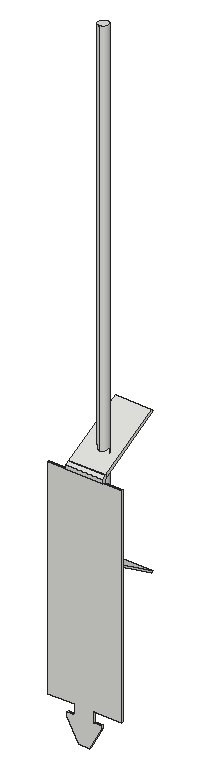
Revit family "HeartFelt-Linear-Luxalon Suspension Adjust. Spring_HunterDouglasEurope.LOG200", category Specialty Equipment, Revit 2016
Family settings
  Part Type = Normal
  Round Connector Dimension = Use Diameter
  OmniClass Number = 23.35.70.24.11.11.11
  OmniClass Title = Suspended Ceilings, Suspension Assembly
  Work Plane-Based = No
  Always vertical = No
  Cut with Voids When Loaded = No
  Shared = No
  Room Calculation Point = No
Parameters (values of type "Luxalon Suspension Adjustment Spring")
  URL = "http://www.hunterdouglasarchitectural.eu/en-GB/ceilings/textile/heartfelt/index.jsp"
  Thickness = 0.50 mm
  Subcategory = "HeartFelt® Ceilings"  # constant formula
  Product Line = "HeartFelt® Linear"  # constant formula
  Product Data = "http://assets2.hunterdouglascontract.com/documents/ceiling/Brochures/United%20Kingdom/Brochure-Heartfelt-en-UK.pdf"
  Material = Galvanized Steel_HunterDouglasEurope
  Hanger Height [instance] = 250.00 mm
  EN13501-1_Fire rating = "Class A1"  # constant formula
  Article Code = "33.4795"  # constant formula
  Model = "Luxalon Suspension Adjustment Spring"  # constant formula
  Manufacturer = "Hunter Douglas"  # constant formula
  Alloy = "EN 10132 CK60 H+A"  # constant formula
Reference planes
  plane 1 "Center (Front/Back)": y = 0
  plane 2: z = 0
  plane 3 "Center (Left/Right)": x = 0
  plane 4 "Carrier Top": z = 90
  plane 5 "Carrier Bottom": z = 89.05
  plane 6 "Spring Top": through (0, 1.3, 179.417) normal (0, 0.5, -0.866)
  plane 7 "Spring Bottom": through (0, 24.915, 134.051) normal (0, 0.5, 0.866)
  plane 8 "Hanger Top": z = 340
  plane 9 "Circle Top": z = 342.5
Forms (mm)
  Extrusion 1, solid, material "Galvanized Steel_HunterDouglasEurope" <- "Material"
    sketch origin (0, 0, 0) x (1, 0, 0) y (0, 0, 1)
      loop
        line (15, 93.05) -> (15, 177.3) -> (-15, 177.3) -> (-15, 93.05) -> (-3.75, 93.05) -> (-3.75, 89.05) -> (-7, 89.05) -> (-7, 87.55) -> (-2.113, 79.085) -> (2.113, 79.085) -> (7, 87.55) -> (7, 89.05) -> (3.75, 89.05) -> (3.75, 93.05) -> (15, 93.05)
    from -0.4 to 0.4
  Extrusion 2, solid, material "Galvanized Steel_HunterDouglasEurope" <- "Material"
    sketch origin (0, -77.365, 134) x (0, -0.866025, -0.5) y (-1, 0, 0)
      loop
        line (-90.835, -7.5) -> (-90.835, 7.5) -> (-118.058, 7.5) -> (-118.058, -7.5) -> (-90.835, -7.5)
    from -0.4 to 0.4
  Extrusion 3, solid, material "Galvanized Steel_HunterDouglasEurope" <- "Material"
    sketch origin (0, 0, 0) x (0, 1, 0) y (0, 0, 1)
      loop
        line (1.1, 179.764) -> (-0.401, 178.897) -> (-0.401, 177.3) -> (0.4, 177.3) -> (0.4, 178.436) -> (1.5, 179.071) -> (1.1, 179.764)
    from -7.5 to 7.5
  Extrusion 4, solid, material "Galvanized Steel_HunterDouglasEurope" <- "Material"
    sketch origin (0, -77.365, 193.103) x (0, -0.866025, 0.5) y (1, 0, 0)
      loop
        line (-90.835, 7.5) -> (-118.058, 7.5) -> (-118.058, -7.5) -> (-90.835, -7.5) -> (-90.835, 7.5)
    from -0.4 to 0.4
  Extrusion 5, solid, material "Galvanized Steel_HunterDouglasEurope" <- "Material"
    sketch origin (0, 0, 327.103) x (0, 1, 0) y (0, 0, 1)
      loop
        line (1.1, -179.764) -> (1.5, -179.071) -> (0.4, -178.436) -> (0.4, -179.36) -> (1.1, -179.764)
    from -7.5 to 7.5
  Sweep 6, solid, material "Galvanized Steel_HunterDouglasEurope" <- "Material"
    path origin (0, 0, 0) x (0, 1, 0) y (0, 0, 1)
      loop
        line (9.288, 109.085) -> (9.288, 337.988)
    profile origin (0, 9.288, 223.537) x (0, -1, 0) y (1, 0, 0)
      loop
        circle (0, 0) r 2
  Extrusion 7, solid, material "Galvanized Steel_HunterDouglasEurope" <- "Material", not visible
    sketch origin (0, 0, 340) x (0, 1, 0) y (-1, 0, 0)
      loop
        circle (0, 0) r 60
    from 0 to 2.5
Lines and regions (mm)
  model lines, style "Hanger_Circle Mark", not visible
    curve 1: line (70.711, -70.711, 342.5) -> (-70.711, 70.711, 342.5)
    curve 2: line (-70.711, -70.711, 342.5) -> (70.711, 70.711, 342.5)
Dimensions and locks
  "Hanger Height": plane 8 "Hanger Top" to plane 4 "Carrier Top"
  locked: plane 4 "Carrier Top" to plane 2 at 90
  locked: plane 9 "Circle Top" to plane 8 "Hanger Top" at 2.5
  aligned and locked: level to plane 2
  aligned and locked: curve 1 to Extrusion 7
  aligned and locked: curve 2 to Extrusion 7
Automatic sketch dimensions
  Sweep 6 sketch curve to plane 3 "Center (Left/Right)" = 0.00 mm
  Sweep 6 sketch curve to profile plane = 0.00 mm
  curve 2 to curve 1 = 0.00 mm
  curve 1 to curve 2 = 141.421 mm  (x2)
  curve 2 to curve 1 = 141.421 mm
  curve 1 to curve 2 = 0.00 mm  (x2)
  Extrusion 1 sketch curve to plane 5 "Carrier Bottom" = 0.00 mm  (x2)
  plane 4 "Carrier Top" to Extrusion 1 sketch curve = 3.05 mm  (x2)
  Extrusion 1 sketch curve to plane 3 "Center (Left/Right)" = 15.00 mm
  plane 5 "Carrier Bottom" to Extrusion 1 sketch curve = 1.50 mm  (x2)
  Extrusion 1 sketch curve to plane 3 "Center (Left/Right)" = 7.00 mm
  Extrusion 1 sketch curve to plane 3 "Center (Left/Right)" = 3.75 mm
  Extrusion 1 sketch curve to plane 3 "Center (Left/Right)" = 2.113 mm
  plane 3 "Center (Left/Right)" to Extrusion 1 sketch curve = 2.113 mm
  plane 3 "Center (Left/Right)" to Extrusion 1 sketch curve = 3.75 mm
  Extrusion 1 sketch curve to Extrusion 1 sketch curve = 3.25 mm
  Extrusion 1 sketch curve to Extrusion 1 sketch curve = 8.00 mm
  Extrusion 1 sketch curve to Extrusion 1 sketch curve = 8.465 mm
  Extrusion 1 sketch curve to Extrusion 1 sketch curve = 84.25 mm
  Extrusion 4 sketch curve to plane 3 "Center (Left/Right)" = 7.50 mm
  plane 3 "Center (Left/Right)" to Extrusion 4 sketch curve = 7.50 mm
  Extrusion 4 sketch curve to Extrusion 4 sketch curve = 27.224 mm
  Sweep 6 sketch curve to plane 1 "Center (Front/Back)" = 9.288 mm
  plane 4 "Carrier Top" to Sweep 6 sketch curve = 19.085 mm
  Sweep 6 sketch curve to plane 8 "Hanger Top" = 2.012 mm
  plane 1 "Center (Front/Back)" to Extrusion 5 sketch curve = 0.40 mm
  Extrusion 5 sketch curve to Extrusion 5 sketch curve = 0.70 mm
  Extrusion 5 sketch curve to Extrusion 5 sketch curve = 0.40 mm
  Extrusion 5 sketch curve to plane 4 "Carrier Top" = 58.032 mm
  Extrusion 5 sketch curve to Extrusion 5 sketch curve = 0.289 mm
  plane 1 "Center (Front/Back)" to Extrusion 3 sketch curve = 0.401 mm
  Extrusion 3 sketch curve to plane 1 "Center (Front/Back)" = 0.40 mm
  Extrusion 3 sketch curve to plane 1 "Center (Front/Back)" = 1.10 mm
  Extrusion 3 sketch curve to Extrusion 3 sketch curve = 0.40 mm
  plane 4 "Carrier Top" to Extrusion 3 sketch curve = 87.30 mm
  Extrusion 3 sketch curve to Extrusion 3 sketch curve = 1.136 mm
  Extrusion 3 sketch curve to Extrusion 3 sketch curve = 0.635 mm
  plane 3 "Center (Left/Right)" to Extrusion 2 sketch curve = 7.50 mm
  Extrusion 2 sketch curve to plane 3 "Center (Left/Right)" = 7.50 mm
  Extrusion 2 sketch curve to Extrusion 2 sketch curve = 27.224 mm
  radius of Sweep 6 sketch curve = 2.00 mm
  radius of Extrusion 7 sketch curve = 60.00 mm
